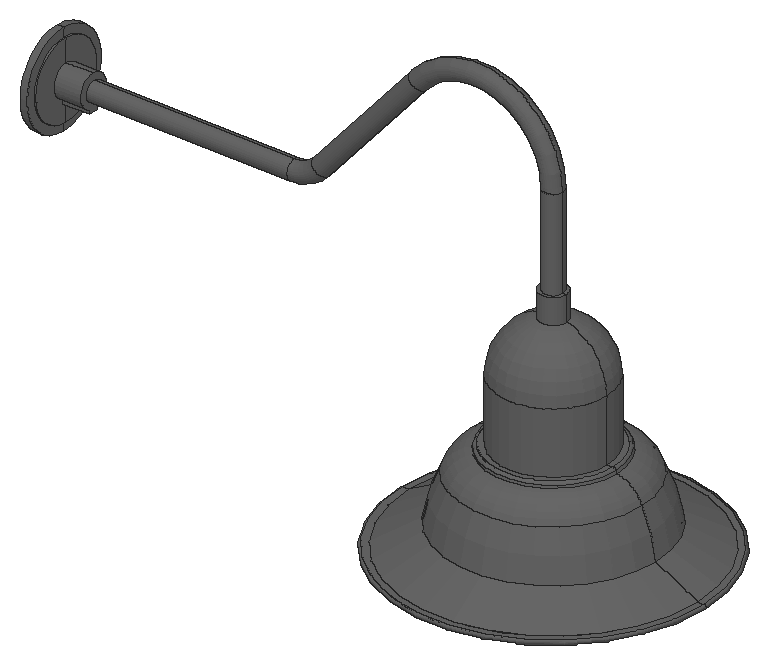
Revit family "Mini Bella Vista_Bell_MB", category Lighting Fixtures, Revit 2020
Family settings
  Round Connector Dimension = Use Diameter
  Part Type = Normal
  OmniClass Number = 23.80.70.00
  OmniClass Title = Lighting
  Work Plane-Based = No
  Always vertical = Yes
  Cut with Voids When Loaded = No
  Light Source = Yes
  Shared = No
  Room Calculation Point = No
Parameters (values of type "MBVB16")
  Weight = "1.25 lb"
  Wattage Comments = "200W"
  Wattage = 2.4 W
  Warranty = "5 year limited warranty"  # constant formula
  built-in parameter 1150110 = 1 (stored number, unit not read)
  Voltage = 277 V
  URL = "https://www.anplighting.com/assets/Uploads/product-attachments/specification-sheets/ANP-Specification-Sheet-RLM-MB-MBVB16.pdf"
  built-in parameter 1114217 = 1 (stored number, unit not read)
  Tilt Angle = 90.00°
  built-in parameter 1150109 = 1 (stored number, unit not read)
  built-in parameter 1150134 = 12
  built-in parameter 1150113 = 1 (stored number, unit not read)
  Mounting Option [instance] = 2
  Power Factor = 1
  Post Mount [instance] = Mounting Option = 5  # no
  Placement X axis side [instance] = if(Post Mount, 2' 2 15/32", if(Cord or Stem Mount, 0' 0", if(E36 20 inch, 1' 8 1/4", if(E 6 26 inch, 2' 2", if(E7 41 inch, 3' 5 1/4", 0' 1")))))  # 2' - 2"
  Photometric Web File = "MBVA16E040LDST540K.ies"
  Model = "MBVB16"
  Manufacturer = "ANP Lighting"  # constant formula
  MBVB16 = yes
  MBVB14 = no
  MBVB12 = no
  built-in parameter 1150105 = 3000 (stored number, unit not read)
  Lumens = 3000 lm
  built-in parameter 1150115 = 1 (stored number, unit not read)
  Load Classification = Lighting
  Light Source Height [instance] = if(MBVB12, 0' 2 1/2", if(MBVB14, 0' 4 1/2", if(MBVB16, 0' 5", 0' 0")))  # 0' - 5"
  built-in parameter 1150137 = (empty or 0)
  built-in parameter 1150139 = (empty or 0)
  Light Elevation_3 [instance] = if(MBVB12, (0' 1 3/4" + 0' 2 55/128"), if(MBVB14, (0' 2 3/8" + 0' 2 55/128"), if(MBVB16, (0' 3 3/8" + 0' 2 55/128"), 0' 0")))  # 0' - 5 103/128"
  Light Elevation _2 [instance] = if(MBVB12, 0' 10 1/8", if(MBVB14, 0' 11 1/4", if(MBVB16, 1' 0 1/8", 0' 0")))  # 1' - 0 1/8"
  Light Elevation _1 [instance] = if(Post Mount, 0' 0", if(E7 41 inch, 0' 0", if(E36 20 inch, 0' 1", if(E 6 26 inch, 0' 0.87402", if(Cord or Stem Mount, (0' 3.66142" + Cord Length), 0' 0")))))  # 0' - 0.87402"
  Light Elevation [instance] = if(Post Mount, 14' 0.5315", if(E7 41 inch, 0' 0", 0' 0"))  # 0' - 0"
  Life = "L70 50,000 hours"  # constant formula
  built-in parameter 1150112 = 1 (stored number, unit not read)
  built-in parameter 1150114 = 1 (stored number, unit not read)
  Lamp = "200W MAX MEDIUM BASE"
  Inside body material = INSIDE BODY MATERIAL
  built-in parameter 1150132 = 2
  built-in parameter 1150102 = (empty or 0)
  built-in parameter 1150107 = 4000 (stored number, unit not read)
  built-in parameter 1150138 = (empty or 0)
  built-in parameter 1150106 = 30 (stored number, unit not read)
  GLASS = Glass
  Fixture Height = 1' - 0 1/4"
  Fixture Diameter = 1' - 4"
  Efficiency = "65-125 lumens per watt"  # constant formula
  built-in parameter 1150104 = 116.13 (stored number, unit not read)
  E7 41 inch [instance] = Mounting Option = 4  # no
  E36 20 inch [instance] = Mounting Option = 3  # no
  E 6 26 inch [instance] = Mounting Option = 2  # yes
  Dimming Lamp Color Temperature Shift = <None>
  Dimming = "1%"  # constant formula
  Description = "120-277 Voltage"  # constant formula
  Default Elevation = 0' - 0"
  Cord or Stem Mount [instance] = Mounting Option = 1  # no
  Cord Length option [instance] = 10
  Cord Length [instance] = if([2' Cord], 2' 0", if([4' Cord], 4' 0", if([8' Cord], 8' 0", if([10' Cord], 10' 0", if([6' Cord], 6' 0", 6' 0")))))  # 10' - 0"
  Construction Material = "Heavy Duty spun aluminum."  # constant formula
  Color Filter = 16777215
  CRI = ">90"
  Bulb = BULB
  Body Material = body
  Body Colour = "Spun aluminium"  # constant formula
  built-in parameter 1114218 = 1 (stored number, unit not read)
  built-in parameter 1150133 = 10 (stored number, unit not read)
  Apparent Load = 200 VA
  8' Cord [instance] = Cord Length option = 8  # no
  6' Cord [instance] = Cord Length option = 6  # no
  4' Cord [instance] = Cord Length option = 4  # no
  2' Cord [instance] = Cord Length option = 2  # no
  10' Cord [instance] = Cord Length option = 10  # yes
Types (4): name | Weight | Wattage Comments | Wattage | URL | Photometric Web File | Model | MBVB16 | MBVB14 | MBVB12 | built-in parameter 1150105 | Lumens | Light Source Height | Light Elevation_3 | Light Elevation _2 | Lamp | built-in parameter 1150106 | Fixture Height | Fixture Diameter | Apparent Load
  (no name) | "1.25 lb" | "200W" | 2.4 W | "https://www.anplighting.com/assets/Uploads/product-attachments/specification-sheets/ANP-Specification-Sheet-RLM-MB-MBVB16.pdf" | "MBVA16E040LDST540K.ies" | "MBVB16" | yes | no | no | 3000 (stored number, unit not read) | 3000 lm | 0' - 5" | 0' - 5 103/128" | 1' - 0 1/8" | "200W MAX MEDIUM BASE" | 30 (stored number, unit not read) | 1' - 0 1/4" | 1' - 4" | 200 VA
  MBVB12 | "0.8 lb" | "100W Max" | 1.6 W | "https://www.anplighting.com/assets/Uploads/product-attachments/specification-sheets/ANP-Specification-Sheet-RLM-MB-MBVB12.pdf" | "MBVB12M016LDDW40K-IES.ies" | "MBVB12" | no | no | yes | 2000 (stored number, unit not read) | 2000 lm | 0' - 2 1/2" | 0' - 4 23/128" | 0' - 10 1/8" | "100W MAX MEDIUM BASE" | 20 (stored number, unit not read) | 0' - 10 5/8" | 1' - 0" | 100 VA
  MBVB14 | "0.95 lb" | "200W Max" | 2.4 W | "https://www.anplighting.com/assets/Uploads/product-attachments/specification-sheets/ANP-Specification-Sheet-RLM-MB-MBVB14.pdf" | "MBVB16E030LDST540K.ies" | "MBVB14" | no | yes | no | 3000 (stored number, unit not read) | 3000 lm | 0' - 4 1/2" | 0' - 4 103/128" | 0' - 11 1/4" | "200W MAX MEDIUM BASE" | 30 (stored number, unit not read) | 0' - 11 1/4" | 1' - 2" | 200 VA
  MBVB16 | "1.25 lb" | "200W" | 2.4 W | "https://www.anplighting.com/assets/Uploads/product-attachments/specification-sheets/ANP-Specification-Sheet-RLM-MB-MBVB16.pdf" | "MBVA16E040LDST540K.ies" | "MBVB16" | yes | no | no | 3000 (stored number, unit not read) | 3000 lm | 0' - 5" | 0' - 5 103/128" | 1' - 0 1/8" | "200W MAX MEDIUM BASE" | 30 (stored number, unit not read) | 1' - 0 1/4" | 1' - 4" | 200 VA
Reference planes (in)
  plane 1 "Light Source Axis (F/B)": y = 0
  plane 2: z = 0
  plane 3 "Light Source Axis (L/R)": x = 0
  plane 4 "Light Source Elevation": z = 0
  plane 5: z = 0
  plane 6: x = 26
  plane 7 "Bulb Position": z = -7.19433
  plane 8 "Canopy Position": z = -0.87402
  plane 9 "IES": z = -12.19433
  plane 10: z = -12.99902
Dimensions and locks (in)
  "Light Elevation": plane 5 to plane 2
  "Placement X axis side": plane 6 to plane 3 "Light Source Axis (L/R)"
  "Light Elevation _1": plane 5 to plane 8 "Canopy Position"
  "Light Source Height": plane 7 "Bulb Position" to plane 9 "IES"
  locked: plane 4 "Light Source Elevation" to plane 2
  "Light Elevation _2": plane 8 "Canopy Position" to plane 10
  "Light Elevation_3": plane 7 "Bulb Position" to plane 10
  aligned and locked: level to plane 2
  aligned and locked: plane 1 "Light Source Axis (F/B)" to nested 5
  aligned and locked: nested 5 to plane 2
  aligned and locked: nested 1 to plane 3 "Light Source Axis (L/R)"
  aligned and locked: plane 3 "Light Source Axis (L/R)" to nested 2
  aligned and locked: plane 3 "Light Source Axis (L/R)" to nested 4
  aligned and locked: nested 3 to plane 5
  aligned and locked: plane 3 "Light Source Axis (L/R)" to nested 3
  aligned and locked: plane 3 "Light Source Axis (L/R)" to nested 5
  aligned and locked: plane 1 "Light Source Axis (F/B)" to nested 2
  aligned and locked: plane 1 "Light Source Axis (F/B)" to nested 1
  aligned and locked: plane 1 "Light Source Axis (F/B)" to nested 4
  aligned and locked: plane 1 "Light Source Axis (F/B)" to nested 3
  aligned and locked: plane 2 to nested 1
  aligned and locked: plane 2 to nested 2
  aligned and locked: nested 4 to plane 2
  aligned and locked: imposter light to plane 9 "IES"
  aligned and locked: plane 6 to imposter light
  aligned and locked: plane 1 "Light Source Axis (F/B)" to nested 6
  aligned and locked: plane 1 "Light Source Axis (F/B)" to nested 7
  aligned and locked: plane 1 "Light Source Axis (F/B)" to nested 8
  aligned and locked: plane 8 "Canopy Position" to nested 6
  aligned and locked: plane 8 "Canopy Position" to nested 7
  aligned and locked: plane 6 to nested 6
  aligned and locked: plane 6 to nested 7
  aligned and locked: plane 6 to nested 8
Nested families (in)
  nested 1: "CORD OR STEM MOUNT" at (0, 0, -123.67), visible <- "Cord or Stem Mount", Cord or Stem Mount <- "Cord or Stem Mount", Body Material <- "Body Material", Light Elevation <- "Light Elevation", Cord Length <- "Cord Length", 10' Cord <- "10' Cord", 2' Cord <- "2' Cord", 4' Cord <- "4' Cord", 6' Cord <- "6' Cord", 8' Cord <- "8' Cord", type "CORD OR STEM MOUNT"
    with Light Elevation 0' - 0", Cord or Stem Mount no, Cord Length 10' - 0", Body Material body, 8' Cord no, 6' Cord no, 4' Cord no, 2' Cord no, 10' Cord yes
  nested 2: "E6 26 INCH" at (26, 0, 0), visible <- "E 6 26 inch", Chain Length <- "Cord Length", E 6 26 inch <- "E 6 26 inch", Placement X axis side <- "Placement X axis side", Body Material <- "Body Material", Light Elevation <- "Light Elevation", type "E6 26 INCH"
    with Placement X axis side 2' - 2", Light Elevation 0' - 0", E 6 26 inch yes, Chain Length 10' - 0", Body Material body
  nested 3: "E7 41 INCH" at (26, 0, 0), Chain Length <- "Cord Length", visible <- "E7 41 inch", E7 41 inch <- "E7 41 inch", Placement X axis side <- "Placement X axis side", Body Material <- "Body Material", Light Elevation <- "Light Elevation", type "E7 41 INCH"
    with Placement X axis side 2' - 2", Light Elevation 0' - 0", E7 41 inch no, Chain Length 10' - 0", Body Material body
  nested 4: "E36 20 INCH" at (26, 0, 0), visible <- "E36 20 inch", E36 20 inch <- "E36 20 inch", Placement X axis side <- "Placement X axis side", Chain Length <- "Cord Length", Body Material <- "Body Material", Light Elevation <- "Light Elevation", type "E36 20 INCH"
    with Placement X axis side 2' - 2", Light Elevation 0' - 0", E36 20 inch no, Chain Length 10' - 0", Body Material body
  nested 5: "POST MOUNT" at (26, 0, 0), visible <- "Post Mount", Post Mount <- "Post Mount", Placement X axis side <- "Placement X axis side", Chain Length <- "Cord Length", Body Material <- "Body Material", Light Elevation <- "Light Elevation", type "POST MOUNT"
    with Post Mount no, Placement X axis side 2' - 2", Light Elevation 0' - 0", Chain Length 10' - 0", Body Material body
  nested 6: "MBVB12 LED" at (26, 0, -0.87402), visible <- "MBVB12", Body <- "Body Material", Light Elevation <- "Light Elevation", MBVB12 <- "MBVB12", type "MBVB12 LED"
    with MBVB12 no, Light Elevation 0' - 0", Body body
  nested 7: "MBVB14 LED" at (26, 0, -0.87402), visible <- "MBVB14", Body <- "Body Material", Light Elevation <- "Light Elevation", MBVB14 <- "MBVB14", type "MBVB14 LED"
    with MBVB14 no, Light Elevation 0' - 0", Body body
  nested 8: "MBVB16 LED" at (26, 0, -0.87402), MBVB16 <- "MBVB16", Light Elevation <- "Light Elevation", Body <- "Body Material", visible <- "MBVB16", type "MBVB16 LED"
    with MBVB16 yes, Light Elevation 0' - 0", Body body
Definition of nested family "E6 26 INCH"
  Parameters (values of type "E6 26 INCH")
    URL = ""
    Placement X axis side [instance] = 2' - 2"
    Model = ""
    Manufacturer = ""
    Light Elevation [instance] = 8' - 4"
    E 6 26 inch [instance] = yes
    Default Elevation = 0' - 0"
    Chain Length [instance] = 0' - 0"
    Body Material [instance] = none
  Reference planes (in)
    plane 1 "Light Source Axis (F/B)": y = 0
    plane 2: z = 0
    plane 3 "Light Source Axis (L/R)": x = 0
    plane 4 "Light Source Elevation": z = 23.125
    plane 5: z = 100
    plane 6: x = -26
    plane 7: z = 99.125
    plane 8: x = -24.12
    plane 9: x = -25.5474
  Forms (in)
    Extrusion 1, void, not visible
      sketch origin (0, 0, 2.38154) x (1, 0, 0) y (0, 0, 1)
        loop
          circle (0, 4.59925) r 0.16583
      from 1.18594 to 1.75
    Extrusion 2, void, not visible
      sketch origin (0, 0, 2.38154) x (0.707107, -0.707107, 0) y (0, 0, 1)
        loop
          circle (0, 4.59925) r 0.16583
      from 1.18594 to 1.75
    Extrusion 3, void, not visible
      sketch origin (0, 0, 2.38154) x (0.707107, 0.707107, 0) y (0, 0, 1)
        loop
          circle (0, 4.59925) r 0.16583
      from 1.18594 to 1.75
    Extrusion 4, void, not visible
      sketch origin (0, 0, 2.38154) x (0, 1, 0) y (0, 0, 1)
        loop
          circle (0, 4.59925) r 0.16583
      from 1.18594 to 1.75
    Extrusion 5, void, not visible
      sketch origin (0, 0, 2.38154) x (-0.707107, 0.707107, 0) y (0, 0, 1)
        loop
          circle (0, 4.59925) r 0.16583
      from 1.18594 to 1.75
    Extrusion 6, void, not visible
      sketch origin (0, 0, 2.38154) x (-1, 0, 0) y (0, 0, 1)
        loop
          circle (0, 4.59925) r 0.20678
      from 1.18594 to 1.75
    Extrusion 7, void, not visible
      sketch origin (0, 0, 2.38154) x (-0.707107, -0.707107, 0) y (0, 0, 1)
        loop
          circle (0, 4.59925) r 0.16583
      from 1.18594 to 1.75
    Extrusion 8, void, not visible
      sketch origin (0, 0, 2.38154) x (0, -1, 0) y (0, 0, 1)
        loop
          circle (0, 4.59925) r 0.16583
      from 1.18594 to 1.75
    Sweep 9, solid, material <- "Body Material", visible <- "E 6 26 inch"
      path origin (-41.25, 0, 168.51693) x (1, 0, 0) y (0, 0, 1)
        loop
          line (17.13, -68.51693) -> (27.68551, -68.51693)
          arc (27.68551, -68.51693) -> (28.47996, -68.34486) -> (29.13202, -67.8595) r 1.92004
          line (29.13202, -67.8595) -> (34.23651, -62.01155)
          arc (34.23651, -62.01155) -> (38.65464, -60.89667) -> (41.25, -64.64193) r 4
          line (41.25, -64.64193) -> (41.25, -69.39193)
      profile origin (-18.84224, 0, 100) x (0, 0, 1) y (0, -1, 0)
        loop
          circle (0, 0) r 0.5
    Revolve 10, solid, material <- "Body Material", visible <- "E 6 26 inch"
      sketch origin (-26, 0, 168.51693) x (1, 0, 0) y (0, 0, 1)
        loop
          line (0, -66.07943) -> (0, -68.51693) -> (1.88, -68.51693) -> (1.88, -67.69272) -> (0.4526, -67.69272) -> (0.4526, -66.54122) -> (0.33125, -66.54122) -> (0.33125, -66.07943) -> (0, -66.07943)
        axis (0, -68.51693) -> (1.88, -68.51693)
      angle from 0 to 360
    Extrusion 11, solid, material <- "Body Material", visible <- "E 6 26 inch"
      sketch origin (-26, 0, 168.51693) x (0, -1, 0) y (0, 0, -1)
        loop
          line (0.25, 68.51693) -> (0.25, 69.51693) -> (-0.25, 69.51693) -> (-0.25, 68.51693) -> (0.25, 68.51693)
      from 0.4526 to 1.88
  Cuts and joins
    joined: Revolve 10, Extrusion 11
  Dimensions and locks (in)
    "Light Elevation": plane 5 to plane 2
    "Placement X axis side": plane 3 "Light Source Axis (L/R)" to plane 6
    locked: plane 5 to plane 7 at 0.875
    Revolve 10 sketch curve to Revolve 10 sketch curve to Revolve 10 sketch curve to plane 6 = 0' - 1.4274" locked, 0' - 0.12135" locked, 0' - 0.33125" locked
    Revolve 10 sketch curve to Revolve 10 sketch curve to Revolve 10 sketch curve to plane 5 = 0' - 0.46179" locked, 0' - 1.1515" locked, 0' - 0 211/256" locked
    locked: Sweep 9 sketch curve to plane 6 at 1.88
    locked: Sweep 9 sketch curve to Sweep 9 sketch curve at 10.55551
    locked: Sweep 9 sketch curve to Sweep 9 sketch curve at 13.56449
    locked: Sweep 9 sketch curve to Sweep 9 sketch curve at 4.75
    locked: plane 9 to plane 6 at 0.4526
    locked: plane 8 to plane 9 at 1.4274
    aligned and locked: level to plane 2
    aligned and locked: Revolve 10 sketch curve to plane 6
    aligned and locked: plane 5 to Revolve 10 sketch curve
    aligned and locked: Revolve 10 sketch curve to plane 5
    aligned and locked: cut or joined group of Revolve 10, Extrusion 11 to plane 9
    aligned and locked: plane 8 to cut or joined group of Revolve 10, Extrusion 11
  Automatic sketch dimensions
    Sweep 9 sketch curve to plane 5 = 0' - 0"
    Sweep 9 sketch curve to Sweep 9 sketch curve = 0' - 4"
    Sweep 9 sketch curve to Sweep 9 sketch curve = 0' - 3.01349"
    plane 5 to Sweep 9 sketch curve = 0' - 0.65743"
    Sweep 9 sketch curve to Sweep 9 sketch curve = 0' - 1.4465"
    Sweep 9 sketch curve to plane 5 = 0' - 0 7/8"
    profile plane to Sweep 9 sketch curve = 0' - 0"
    Sweep 9 sketch curve to profile plane = 0' - 0"
    plane 6 to Revolve 10 sketch curve = 0' - 0.62562"
    Revolve 10 sketch curve to Revolve 10 sketch curve = 0' - 0 1/2"
    Extrusion 11 sketch curve to plane 5 = 0' - 0"
    plane 1 "Light Source Axis (F/B)" to Extrusion 11 sketch curve = 0' - 0 1/4"
    Extrusion 11 sketch curve to plane 1 "Light Source Axis (F/B)" = 0' - 0 1/4"
    plane 5 to Extrusion 11 sketch curve = 0' - 1"
    radius of Sweep 9 sketch curve = 0' - 0 1/2"
Definition of nested family "MBVB16 LED"
  Parameters (values of type "MBVB16 LED")
    MBVB16 [instance] = yes
    Light Elevation [instance] = 0' - 0"
    Default Elevation = 0' - 0"
    Body [instance] = none
  Reference planes (in)
    plane 1 "Center (Front/Back)": y = 0
    plane 2: z = 0
    plane 3 "Center (Left/Right)": x = 0
    plane 4: z = 0
  Dimensions and locks (in)
    "Light Elevation": plane 4 to plane 2
    aligned and locked: plane 2 to level
    aligned and locked: plane 3 "Center (Left/Right)" to nested 1
    aligned and locked: plane 1 "Center (Front/Back)" to nested 1
    aligned and locked: plane 4 to nested 1
  Nested families (in)
    nested 1: "MBVB16" at (0, 0, -12.25), visible <- "MBVB16", Body <- "Body", MBVB16 <- "MBVB16", type "MBVB16"
      with MBVB16 yes, Body none
  Definition of nested family "MBVB16"
    Parameters (values of type "MBVB16")
      REFLECTIVE = none
      MBVB16 [instance] = yes
      Default Elevation = 0' - 0"
      Body [instance] = none
      BELLA = none
    Reference planes (in)
      plane 1 "Center (Front/Back)": y = 0
      plane 2: z = 0
      plane 3 "Center (Left/Right)": x = 0
      plane 4: x = -8
      plane 5: x = 8
      plane 6: z = 12.25
    Forms (in)
      Revolve 1, solid, material <- "Body", visible <- "MBVB16"
        sketch origin (0, 0, 0) x (1, 0, 0) y (0, 0, 1)
          loop
            line (-2.83335, 8.23279) -> (-2.83335, 5.01199) -> (-3.13722, 5.01199)
            arc (-3.13722, 5.01199) -> (-3.23739, 4.97852) -> (-3.29734, 4.89156) r 0.16666
            line (-3.29734, 4.89156) -> (-3.33058, 4.77648)
            arc (-3.33058, 4.77648) -> (-4.1323, 4.41333) -> (-4.64481, 3.69781) r 1.69924
            arc (-4.64481, 3.69781) -> (-5.10175, 2.5566) -> (-5.395, 1.3628) r 8.78983
            line (-5.395, 1.3628) -> (-7.55855, 0.21242) -> (-7.89366, 0.21242)
            arc (-7.89366, 0.21242) -> (-7.99988, 0.10621) -> (-7.89366, 0) r 0.10621
            line (-7.89366, 0) -> (-7.82493, 0) -> (-5.33856, 1.32203)
            arc (-5.33856, 1.32203) -> (-5.04647, 2.52429) -> (-4.5873, 3.67317) r 8.72733
            arc (-4.5873, 3.67317) -> (-4.07852, 4.37649) -> (-3.28162, 4.72073) r 1.63674
            line (-3.28162, 4.72073) -> (-3.23729, 4.87422)
            arc (-3.23729, 4.87422) -> (-3.19983, 4.92857) -> (-3.13722, 4.94949) r 0.10416
            line (-3.13722, 4.94949) -> (-2.77085, 4.94949) -> (-2.77085, 8.23296)
            arc (-2.77085, 8.23296) -> (-2.14247, 9.99625) -> (-0.5298, 10.94669) r 2.74495
            line (-0.5298, 10.94669) -> (-0.43999, 10.94669) -> (-0.43999, 11.00741) -> (-0.54507, 11.00741)
            arc (-0.54507, 11.00741) -> (-2.19183, 10.03462) -> (-2.83335, 8.23279) r 2.80745
          axis (0, 11.00741) -> (0, 0)
        angle from 0 to 360
      Revolve 2, solid, material <- "Body", visible <- "MBVB16"
        sketch origin (0, 0, 0) x (1, 0, 0) y (0, 0, 1)
          loop
            arc (-3.23224, 4.69343) -> (-4.04864, 4.37742) -> (-4.56864, 3.67317) r 1.56897
            arc (-4.56864, 3.67317) -> (-5.021, 2.51634) -> (-5.323, 1.31148) r 9.77401
            line (-5.323, 1.31148) -> (-7.78583, 0) -> (-7.65286, 0) -> (-5.26694, 1.27052)
            arc (-5.26694, 1.27052) -> (-4.96564, 2.48421) -> (-4.51089, 3.64913) r 9.71151
            arc (-4.51089, 3.64913) -> (-4.0128, 4.32615) -> (-3.2295, 4.63093) r 1.50647
            line (-3.2295, 4.63093) -> (-2.98224, 4.63093) -> (-2.98224, 4.69343) -> (-3.23224, 4.69343)
          axis (0, 4.69343) -> (0, 0)
        angle from 0 to 360
      Revolve 3, solid, material <- "Body", visible <- "MBVB16"
        sketch origin (0, 0, 0) x (1, 0, 0) y (0, 0, 1)
          loop
            line (-0.68999, 12.25) -> (-0.68999, 10.94669) -> (-0.43999, 10.94669) -> (-0.43999, 12.25) -> (-0.68999, 12.25)
          axis (0, 12.25) -> (0, 10.94669)
        angle from 0 to 360
    Dimensions and locks (in)
      locked: Revolve 1 sketch curve to Revolve 1 sketch curve at 5.99543
      locked: Revolve 1 sketch curve to Revolve 2 at 5.01199
      locked: plane 6 to level at 12.25
      locked: plane 5 to plane 4 at 16
      aligned and locked: plane 2 to level
      aligned and locked: Revolve 3 to plane 6
      aligned and locked: Revolve 3 to Revolve 1
Definition of nested family "CORD OR STEM MOUNT"
  Parameters (values of type "CORD OR STEM MOUNT")
    URL = ""
    Model = ""
    Manufacturer = ""
    Light Elevation [instance] = 1' - 7.69"
    Default Elevation = 0' - 0"
    Cord or Stem Mount [instance] = yes
    Cord Length [instance] = 6' - 0"
    Body Material [instance] = none
    8' Cord [instance] = no
    6' Cord [instance] = no
    4' Cord [instance] = no
    2' Cord [instance] = no
    10' Cord [instance] = no
  Reference planes (in)
    plane 1 "Light Source Axis (F/B)": y = 0
    plane 2: z = 0
    plane 3 "Light Source Axis (L/R)": x = 0
    plane 4 "Light Source Elevation": z = 23.125
    plane 5: z = 91.69
    plane 6: z = 19.69
  Forms (in)
    Extrusion 1, void, not visible
      sketch origin (0, 0, 2.38154) x (1, 0, 0) y (0, 0, 1)
        loop
          circle (0, 4.59925) r 0.16583
      from 1.18594 to 1.75
    Extrusion 2, void, not visible
      sketch origin (0, 0, 2.38154) x (0.707107, -0.707107, 0) y (0, 0, 1)
        loop
          circle (0, 4.59925) r 0.16583
      from 1.18594 to 1.75
    Extrusion 3, void, not visible
      sketch origin (0, 0, 2.38154) x (0.707107, 0.707107, 0) y (0, 0, 1)
        loop
          circle (0, 4.59925) r 0.16583
      from 1.18594 to 1.75
    Extrusion 4, void, not visible
      sketch origin (0, 0, 2.38154) x (0, 1, 0) y (0, 0, 1)
        loop
          circle (0, 4.59925) r 0.16583
      from 1.18594 to 1.75
    Extrusion 5, void, not visible
      sketch origin (0, 0, 2.38154) x (-0.707107, 0.707107, 0) y (0, 0, 1)
        loop
          circle (0, 4.59925) r 0.16583
      from 1.18594 to 1.75
    Extrusion 6, void, not visible
      sketch origin (0, 0, 2.38154) x (-1, 0, 0) y (0, 0, 1)
        loop
          circle (0, 4.59925) r 0.20678
      from 1.18594 to 1.75
    Extrusion 7, void, not visible
      sketch origin (0, 0, 2.38154) x (-0.707107, -0.707107, 0) y (0, 0, 1)
        loop
          circle (0, 4.59925) r 0.16583
      from 1.18594 to 1.75
    Extrusion 8, void, not visible
      sketch origin (0, 0, 2.38154) x (0, -1, 0) y (0, 0, 1)
        loop
          circle (0, 4.59925) r 0.16583
      from 1.18594 to 1.75
    Revolve 9, solid, material <- "Body Material", visible <- "Cord or Stem Mount"
      sketch origin (0, 0, 174.56698) x (1, 0, 0) y (0, 0, 1)
        loop
          line (2.6875, -79.20698) -> (0, -79.20698) -> (0, -82.87698) -> (0.125, -82.87698) -> (0.125, -82.83698) -> (0.75, -82.83698)
          arc (0.75, -82.83698) -> (0.81694, -82.77004) -> (0.75, -82.7031) r 0.06694
          line (0.75, -82.7031) -> (0.89763, -82.7031) -> (1.00223, -82.5985) -> (1.06587, -82.5985)
          arc (1.06587, -82.5985) -> (1.80099, -82.29401) -> (2.10549, -81.55888) r 1.03962
          line (2.10549, -81.55888) -> (2.10549, -81.03899)
          arc (2.10549, -81.03899) -> (2.12951, -80.981) -> (2.1875, -80.95698) r 0.08201
          line (2.1875, -80.95698) -> (2.1875, -80.70698) -> (2.6875, -80.70698) -> (2.6875, -79.20698)
        axis (0, -79.20698) -> (0, -82.87698)
      angle from 0 to 360
    Revolve 10, solid, material <- "Body Material", visible <- "Cord or Stem Mount"
      sketch origin (0, 0, 0) x (1, 0, 0) y (0, 0, 1)
        loop
          line (0, 91.69) -> (-0.125, 91.69) -> (-0.125, 19.69) -> (0, 19.69) -> (0, 91.69)
        axis (0, 19.69) -> (0, 91.69)
      angle from 0 to 360
  Dimensions and locks (in)
    "Light Elevation": plane 6 to plane 2
    "Cord Length": plane 5 to plane 6
    locked: Revolve 10 sketch curve to Revolve 10 sketch curve at 0.125
    aligned and locked: level to plane 2
    aligned and locked: Revolve 10 sketch curve to plane 3 "Light Source Axis (L/R)"
    aligned and locked: Revolve 10 sketch curve to plane 6
    aligned and locked: Revolve 10 sketch curve to plane 5
    aligned and locked: plane 3 "Light Source Axis (L/R)" to Revolve 10 sketch curve
  Automatic sketch dimensions
    Revolve 9 sketch curve to plane 3 "Light Source Axis (L/R)" = 0' - 0"  (x2)
    Revolve 9 sketch curve to plane 5 = 0' - 0"
    plane 3 "Light Source Axis (L/R)" to Revolve 9 sketch curve = 0' - 0 1/8"
    Revolve 9 sketch curve to plane 5 = 0' - 0.17388"
    Revolve 9 sketch curve to Revolve 9 sketch curve = 0' - 0 5/8"
    Revolve 9 sketch curve to Revolve 9 sketch curve = 0' - 0.14763"
    Revolve 9 sketch curve to plane 5 = 0' - 0.27847"
    Revolve 9 sketch curve to Revolve 9 sketch curve = 0' - 0.1046"
    Revolve 9 sketch curve to Revolve 9 sketch curve = 0' - 0.06364"
    Revolve 9 sketch curve to Revolve 9 sketch curve = 0' - 1.03962"
    Revolve 9 sketch curve to Revolve 9 sketch curve = 0' - 0 21/256"
    Revolve 9 sketch curve to Revolve 9 sketch curve = 0' - 0 1/2"  (x2)
    Revolve 9 sketch curve to Revolve 9 sketch curve = 0' - 0.51989"
    Revolve 9 sketch curve to Revolve 9 sketch curve = 0' - 0 1/4"
    Revolve 9 sketch curve to Revolve 9 sketch curve = 0' - 2.3519"
    Revolve 9 sketch curve to Revolve 9 sketch curve = 0' - 1 1/4"
    Revolve 9 sketch curve to Revolve 9 sketch curve = 0' - 0.04"
    Revolve 10 sketch curve to Revolve 10 sketch curve = 0' - 0 1/2"
    Revolve 10 sketch curve to Revolve 10 sketch curve = 0' - 0.42345"
Definition of nested family "E7 41 INCH"
  Parameters (values of type "E7 41 INCH")
    URL = ""
    Placement X axis side [instance] = 4' - 2"
    Model = ""
    Manufacturer = ""
    Light Elevation [instance] = 8' - 4"
    E7 41 inch [instance] = yes
    Default Elevation = 0' - 0"
    Chain Length [instance] = 0' - 0"
    Body Material [instance] = none
  Reference planes (in)
    plane 1 "Light Source Axis (F/B)": y = 0
    plane 2: z = 0
    plane 3 "Light Source Axis (L/R)": x = 0
    plane 4 "Light Source Elevation": z = 23.125
    plane 5: z = 100
    plane 6: x = -50
  Forms (in)
    Extrusion 1, void, not visible
      sketch origin (0, 0, 2.38154) x (1, 0, 0) y (0, 0, 1)
        loop
          circle (0, 4.59925) r 0.16583
      from 1.18594 to 1.75
    Extrusion 2, void, not visible
      sketch origin (0, 0, 2.38154) x (0.707107, -0.707107, 0) y (0, 0, 1)
        loop
          circle (0, 4.59925) r 0.16583
      from 1.18594 to 1.75
    Extrusion 3, void, not visible
      sketch origin (0, 0, 2.38154) x (0.707107, 0.707107, 0) y (0, 0, 1)
        loop
          circle (0, 4.59925) r 0.16583
      from 1.18594 to 1.75
    Extrusion 4, void, not visible
      sketch origin (0, 0, 2.38154) x (0, 1, 0) y (0, 0, 1)
        loop
          circle (0, 4.59925) r 0.16583
      from 1.18594 to 1.75
    Extrusion 5, void, not visible
      sketch origin (0, 0, 2.38154) x (-0.707107, 0.707107, 0) y (0, 0, 1)
        loop
          circle (0, 4.59925) r 0.16583
      from 1.18594 to 1.75
    Extrusion 6, void, not visible
      sketch origin (0, 0, 2.38154) x (-1, 0, 0) y (0, 0, 1)
        loop
          circle (0, 4.59925) r 0.20678
      from 1.18594 to 1.75
    Extrusion 7, void, not visible
      sketch origin (0, 0, 2.38154) x (-0.707107, -0.707107, 0) y (0, 0, 1)
        loop
          circle (0, 4.59925) r 0.16583
      from 1.18594 to 1.75
    Extrusion 8, void, not visible
      sketch origin (0, 0, 2.38154) x (0, -1, 0) y (0, 0, 1)
        loop
          circle (0, 4.59925) r 0.16583
      from 1.18594 to 1.75
    Revolve 9, solid, material <- "Body Material", visible <- "E7 41 inch"
      sketch origin (-41.25, 0, 168.39193) x (1, 0, 0) y (0, 0, 1)
        loop
          line (-8.75, -66.20443) -> (-8.75, -68.51693) -> (-6.87, -68.51693) -> (-6.87, -67.69272) -> (-8.2974, -67.69272) -> (-8.2974, -66.54122) -> (-8.41875, -66.54122) -> (-8.41875, -66.20443) -> (-8.75, -66.20443)
        axis (-8.75, -68.51693) -> (-6.87, -68.51693)
      angle from 0 to 360
    Extrusion 10, solid, material <- "Body Material", visible <- "E7 41 inch"
      sketch origin (-41.25, 0, 168.39193) x (0, -1, 0) y (0, 0, -1)
        loop
          line (0.25, 68.51693) -> (0.25, 69.51693) -> (-0.25, 69.51693) -> (-0.25, 68.51693) -> (0.25, 68.51693)
      from -8.2974 to -6.87
    Sweep 11, solid, material <- "Body Material", visible <- "E7 41 inch"
      path origin (-41.25, 0, 168.39193) x (1, 0, 0) y (0, 0, 1)
        loop
          line (-6.87, -68.51693) -> (16.04011, -68.51693)
          arc (16.04011, -68.51693) -> (17.864, -68.13651) -> (19.38375, -67.0587) r 4.5625
          line (19.38375, -67.0587) -> (24.70217, -61.33018)
          arc (24.70217, -61.33018) -> (29.64465, -60.20324) -> (32.5, -64.39193) r 4.5
          line (32.5, -64.39193) -> (32.5, -68.39193)
      profile origin (-36.66494, 0, 99.875) x (0, 0, 1) y (0, -1, 0)
        loop
          circle (0, 0) r 0.5
  Dimensions and locks (in)
    "Placement X axis side": plane 3 "Light Source Axis (L/R)" to plane 6
    "Light Elevation": plane 5 to plane 2
    locked: Revolve 9 sketch curve to Revolve 9 sketch curve at 0.33125
    locked: Revolve 9 sketch curve to Revolve 9 sketch curve at 0.4526
    locked: Revolve 9 sketch curve to Revolve 9 sketch curve at 1.88
    locked: Revolve 9 sketch curve to Revolve 9 sketch curve at 0.82421
    locked: Revolve 9 sketch curve to Revolve 9 sketch curve at 1.1515
    locked: Revolve 9 sketch curve to Revolve 9 sketch curve at 0.33679
    locked: plane 5 to Revolve 9 sketch curve at 0.125
    locked: Extrusion 10 sketch curve to Extrusion 10 sketch curve at 0.5
    locked: Extrusion 10 sketch curve to Extrusion 10 sketch curve at 1
    locked: plane 5 to Extrusion 10 sketch curve at 0.125
    locked: plane 5 to Sweep 11 sketch curve at 0.125
    locked: Sweep 11 sketch curve to Sweep 11 sketch curve at 39.37
    locked: Sweep 11 sketch curve to Sweep 11 sketch curve at 4
    locked: plane 6 to Extrusion 10 at 0.4526
    locked: Sweep 11 sketch curve to plane 6 at 1.88
    locked: Extrusion 10 to Extrusion 10 at 1.4274
    aligned and locked: plane 2 to level
    aligned and locked: Revolve 9 sketch curve to plane 6
  Automatic sketch dimensions
    Revolve 9 sketch curve to plane 5 = 0' - 0 1/8"
    plane 6 to Revolve 9 sketch curve = 0' - 0.62562"
    Revolve 9 sketch curve to Revolve 9 sketch curve = 0' - 0 1/2"
    plane 1 "Light Source Axis (F/B)" to Extrusion 10 sketch curve = 0' - 0 1/4"
    Sweep 11 sketch curve to plane 5 = 0' - 0"
    Sweep 11 sketch curve to Sweep 11 sketch curve = 0' - 4 1/2"
    Sweep 11 sketch curve to Sweep 11 sketch curve = 0' - 3.29783"
    plane 5 to Sweep 11 sketch curve = 0' - 1.33323"
    Sweep 11 sketch curve to Sweep 11 sketch curve = 0' - 5.31842"
    Sweep 11 sketch curve to Sweep 11 sketch curve = 0' - 3.34364"
    profile plane to Sweep 11 sketch curve = 0' - 0"
    Sweep 11 sketch curve to profile plane = 0' - 0"
    radius of Sweep 11 sketch curve = 0' - 0 1/2"
Definition of nested family "E36 20 INCH"
  Parameters (values of type "E36 20 INCH")
    URL = ""
    Placement X axis side [instance] = 1' - 8 1/4"
    Model = ""
    Manufacturer = ""
    Light Elevation [instance] = 8' - 4"
    E36 20 inch [instance] = yes
    Default Elevation = 0' - 0"
    Chain Length [instance] = 0' - 0"
    Body Material [instance] = none
  Reference planes (in)
    plane 1 "Light Source Axis (F/B)": y = 0
    plane 2: z = 0
    plane 3 "Light Source Axis (L/R)": x = 0
    plane 4 "Light Source Elevation": z = 23.125
    plane 5: z = 99
    plane 6: x = -20.25
    plane 7: z = 100
    plane 8: x = -18.37008
    plane 9: x = -19.79724
  Forms (in)
    Extrusion 1, void, not visible
      sketch origin (0, 0, 2.38154) x (1, 0, 0) y (0, 0, 1)
        loop
          circle (0, 4.59925) r 0.16583
      from 1.18594 to 1.75
    Extrusion 2, void, not visible
      sketch origin (0, 0, 2.38154) x (0.707107, -0.707107, 0) y (0, 0, 1)
        loop
          circle (0, 4.59925) r 0.16583
      from 1.18594 to 1.75
    Extrusion 3, void, not visible
      sketch origin (0, 0, 2.38154) x (0.707107, 0.707107, 0) y (0, 0, 1)
        loop
          circle (0, 4.59925) r 0.16583
      from 1.18594 to 1.75
    Extrusion 4, void, not visible
      sketch origin (0, 0, 2.38154) x (0, 1, 0) y (0, 0, 1)
        loop
          circle (0, 4.59925) r 0.16583
      from 1.18594 to 1.75
    Extrusion 5, void, not visible
      sketch origin (0, 0, 2.38154) x (-0.707107, 0.707107, 0) y (0, 0, 1)
        loop
          circle (0, 4.59925) r 0.16583
      from 1.18594 to 1.75
    Extrusion 6, void, not visible
      sketch origin (0, 0, 2.38154) x (-1, 0, 0) y (0, 0, 1)
        loop
          circle (0, 4.59925) r 0.20678
      from 1.18594 to 1.75
    Extrusion 7, void, not visible
      sketch origin (0, 0, 2.38154) x (-0.707107, -0.707107, 0) y (0, 0, 1)
        loop
          circle (0, 4.59925) r 0.16583
      from 1.18594 to 1.75
    Extrusion 8, void, not visible
      sketch origin (0, 0, 2.38154) x (0, -1, 0) y (0, 0, 1)
        loop
          circle (0, 4.59925) r 0.16583
      from 1.18594 to 1.75
    Sweep 9, solid, material <- "Body Material", visible <- "E36 20 inch"
      path origin (-41.25, 0, 169.51693) x (1, 0, 0) y (0, 0, 1)
        loop
          line (22.88, -69.51693) -> (28.93827, -69.51693)
          arc (28.93827, -69.51693) -> (29.97705, -69.28152) -> (30.81284, -68.62128) r 2.40953
          line (30.81284, -68.62128) -> (34.13807, -64.50378)
          arc (34.13807, -64.50378) -> (38.58272, -63.24548) -> (41.25, -67.01693) r 4
          line (41.25, -67.01693) -> (41.25, -70.51693)
      profile origin (-15.34086, 0, 100) x (0, 0, 1) y (0, -1, 0)
        loop
          circle (0, 0) r 0.5
    Revolve 10, solid, material <- "Body Material", visible <- "E36 20 inch"
      sketch origin (-20.25, 0, 169.51693) x (1, 0, 0) y (0, 0, 1)
        loop
          line (0, -67.20443) -> (0, -69.51693) -> (1.88, -69.51693) -> (1.88, -68.69272) -> (0.4526, -68.69272) -> (0.4526, -67.54122) -> (0.33125, -67.54122) -> (0.33125, -67.20443) -> (0, -67.20443)
        axis (0, -69.51693) -> (1.88, -69.51693)
      angle from 0 to 360
    Extrusion 11, solid, material <- "Body Material", visible <- "E36 20 inch"
      sketch origin (-20.25, 0, 169.51693) x (0, -1, 0) y (0, 0, -1)
        loop
          line (0.25, 69.51693) -> (0.25, 70.51693) -> (-0.25, 70.51693) -> (-0.25, 69.51693) -> (0.25, 69.51693)
      from 1.87992 to 0.45276
  Cuts and joins
    joined: Revolve 10, Extrusion 11
  Dimensions and locks (in)
    "Light Elevation": plane 7 to plane 2
    "Placement X axis side": plane 3 "Light Source Axis (L/R)" to plane 6
    locked: plane 7 to plane 5 at 1
    Revolve 10 sketch curve to Revolve 10 sketch curve to Revolve 10 sketch curve to plane 7 = 0' - 0.33679" locked, 0' - 1.1515" locked, 0' - 0 211/256" locked
    locked: Sweep 9 sketch curve to plane 6 at 1.88
    locked: Sweep 9 sketch curve to Sweep 9 sketch curve at 6.05827
    locked: Sweep 9 sketch curve to Sweep 9 sketch curve at 12.31173
    locked: Sweep 9 sketch curve to Sweep 9 sketch curve at 3.5
    Revolve 10 sketch curve to Revolve 10 sketch curve to Revolve 10 sketch curve to plane 6 = 0' - 1.4274" locked, 0' - 0.12135" locked, 0' - 0.33125" locked
    locked: plane 9 to plane 6 at 0.45276
    locked: plane 8 to plane 9 at 1.42717
    aligned and locked: level to plane 2
    aligned and locked: plane 7 to Revolve 10 sketch curve
    aligned and locked: Revolve 10 sketch curve to plane 7
    aligned and locked: Revolve 10 sketch curve to plane 6
    aligned and locked: cut or joined group of Revolve 10, Extrusion 11 to plane 9
    aligned and locked: plane 8 to cut or joined group of Revolve 10, Extrusion 11
  Automatic sketch dimensions
    Sweep 9 sketch curve to plane 7 = 0' - 0"
    Sweep 9 sketch curve to plane 5 = 0' - 0"
    Sweep 9 sketch curve to Sweep 9 sketch curve = 0' - 4"
    Sweep 9 sketch curve to plane 7 = 0' - 0.89565"
    Sweep 9 sketch curve to Sweep 9 sketch curve = 0' - 3.32523"
    Sweep 9 sketch curve to Sweep 9 sketch curve = 0' - 1.87457"
    profile plane to Sweep 9 sketch curve = 0' - 0"
    Sweep 9 sketch curve to profile plane = 0' - 0"
    plane 6 to Revolve 10 sketch curve = 0' - 0.62562"
    Revolve 10 sketch curve to Revolve 10 sketch curve = 0' - 0 1/2"
    plane 7 to Extrusion 11 sketch curve = 0' - 0"
    Extrusion 11 sketch curve to plane 5 = 0' - 0"
    plane 1 "Light Source Axis (F/B)" to Extrusion 11 sketch curve = 0' - 0 1/4"
    Extrusion 11 sketch curve to plane 1 "Light Source Axis (F/B)" = 0' - 0 1/4"
    radius of Sweep 9 sketch curve = 0' - 0 1/2"
Definition of nested family "POST MOUNT"
  Parameters (values of type "POST MOUNT")
    URL = ""
    Post Mount [instance] = yes
    Placement X axis side [instance] = 2' - 2 1/2"
    Model = ""
    Manufacturer = ""
    Light Elevation [instance] = 14' - 0.5168"
    Default Elevation = 0' - 0"
    Chain Length [instance] = 0' - 0"
    Body Material [instance] = none
  Reference planes (in)
    plane 1 "Light Source Axis (F/B)": y = 0
    plane 2: z = 0
    plane 3 "Light Source Axis (L/R)": x = 0
    plane 4 "Light Source Elevation": z = 23.125
    plane 5: x = -26.5
    plane 6: z = 168.5168
  Forms (in)
    Extrusion 1, void, not visible
      sketch origin (0, 0, 2.38154) x (1, 0, 0) y (0, 0, 1)
        loop
          circle (0, 4.59925) r 0.16583
      from 1.18594 to 1.75
    Extrusion 2, void, not visible
      sketch origin (0, 0, 2.38154) x (0.707107, -0.707107, 0) y (0, 0, 1)
        loop
          circle (0, 4.59925) r 0.16583
      from 1.18594 to 1.75
    Extrusion 3, void, not visible
      sketch origin (0, 0, 2.38154) x (0.707107, 0.707107, 0) y (0, 0, 1)
        loop
          circle (0, 4.59925) r 0.16583
      from 1.18594 to 1.75
    Extrusion 4, void, not visible
      sketch origin (0, 0, 2.38154) x (0, 1, 0) y (0, 0, 1)
        loop
          circle (0, 4.59925) r 0.16583
      from 1.18594 to 1.75
    Extrusion 5, void, not visible
      sketch origin (0, 0, 2.38154) x (-0.707107, 0.707107, 0) y (0, 0, 1)
        loop
          circle (0, 4.59925) r 0.16583
      from 1.18594 to 1.75
    Extrusion 6, void, not visible
      sketch origin (0, 0, 2.38154) x (-1, 0, 0) y (0, 0, 1)
        loop
          circle (0, 4.59925) r 0.20678
      from 1.18594 to 1.75
    Extrusion 7, void, not visible
      sketch origin (0, 0, 2.38154) x (-0.707107, -0.707107, 0) y (0, 0, 1)
        loop
          circle (0, 4.59925) r 0.16583
      from 1.18594 to 1.75
    Extrusion 8, void, not visible
      sketch origin (0, 0, 2.38154) x (0, -1, 0) y (0, 0, 1)
        loop
          circle (0, 4.59925) r 0.16583
      from 1.18594 to 1.75
    Revolve 9, solid, material <- "Body Material", visible <- "Post Mount"
      sketch origin (-7.90508, 0, 0) x (1, 0, 0) y (0, 0, 1)
        loop
          line (-18.59492, 3.92912) -> (-16.29831, 3.92912) -> (-16.29831, 4.2668) -> (-16.91413, 4.2668) -> (-16.91413, 134.5168) -> (-17.16413, 134.5168) -> (-17.16413, 137.3918) -> (-17.05979, 137.3918)
          arc (-17.05979, 137.3918) -> (-16.93479, 137.5168) -> (-17.05979, 137.6418) r 0.125
          line (-17.05979, 137.6418) -> (-17.48032, 137.6418) -> (-17.48032, 139.0793) -> (-17.73032, 139.0793) -> (-17.73032, 139.5793) -> (-18.59492, 139.5793) -> (-18.59492, 3.92912)
        axis (-18.59492, 139.5793) -> (-18.59492, 3.92912)
      angle from 0 to 360
    Extrusion 10, solid, material <- "Body Material", visible <- "Post Mount"
      sketch origin (0, 0, 0) x (1, 0, 0) y (0, 1, 0)
        loop
          line (-20.5, 5.93079) -> (-32.5, 5.93079) -> (-32.5, -6.06921) -> (-20.5, -6.06921) -> (-20.5, 5.93079)
      from 0 to 3.92912
    Sweep 11, solid, material <- "Body Material", visible <- "Post Mount"
      path origin (0, 0, 48.5) x (1, 0, 0) y (0, 0, 1)
        loop
          line (0, 120.0168) -> (0, 128.0168)
          arc (0, 128.0168) -> (-13.25, 141.2668) -> (-26.5, 128.0168) r 13.25
          line (-26.5, 128.0168) -> (-26.5, 91.0793)
      profile origin (0, 0, 172.5168) x (-1, 0, 0) y (0, -1, 0)
        loop
          circle (0, 0) r 0.5
    Revolve 12, solid, material <- "Body Material", visible <- "Post Mount"
      sketch origin (0, 0, 0) x (1, 0, 0) y (0, 0, 1)
        loop
          line (0, 168.5168) -> (0.75, 168.5168) -> (0.75, 170.7668) -> (0, 170.7668) -> (0, 168.5168)
        axis (0, 170.7668) -> (0, 168.5168)
      angle from 0 to 360
  Cuts and joins
    joined: Revolve 9, Extrusion 10, Sweep 11, Revolve 12
  Dimensions and locks (in)
    "Placement X axis side": plane 3 "Light Source Axis (L/R)" to plane 5
    "Light Elevation": plane 6 to plane 2
    locked: Revolve 12 sketch curve to plane 5 at 26.5  (x2)
    locked: Revolve 9 sketch curve to plane 2 at 3.92912
    locked: Revolve 9 sketch curve to plane 5 at 2.29661
    locked: Revolve 9 sketch curve to plane 5 at 1.68079
    locked: Revolve 9 sketch curve to plane 5 at 1.43079
    locked: Revolve 9 sketch curve to plane 5 at 1.11461
    locked: Revolve 9 sketch curve to plane 5 at 0.86461
    locked: Revolve 9 sketch curve to Revolve 9 sketch curve at 130.58768
    locked: Revolve 9 sketch curve to Revolve 9 sketch curve at 2.875
    locked: Revolve 9 sketch curve to Revolve 9 sketch curve at 0.25
    locked: Revolve 9 sketch curve to Revolve 9 sketch curve at 1.4375
    locked: Revolve 9 sketch curve to Revolve 9 sketch curve at 0.5
    locked: Sweep 11 sketch curve to Sweep 11 sketch curve at 26.5
    locked: Revolve 12 sketch curve to Revolve 12 sketch curve at 0.75
    locked: cut or joined group of Revolve 9, Extrusion 10, Sweep 11, Revolve 12 to plane 2 at 139.5793
    aligned and locked: level to plane 2
    aligned and locked: plane 5 to Sweep 11 sketch curve
    aligned and locked: Revolve 9 sketch curve to plane 5
  Automatic sketch dimensions
    Revolve 9 sketch curve to plane 5 = 0' - 0"
    Revolve 9 sketch curve to Revolve 9 sketch curve = 0' - 0.10434"
    Revolve 9 sketch curve to Revolve 9 sketch curve = 0' - 0.33768"
    Revolve 9 sketch curve to Revolve 9 sketch curve = 0' - 0 1/4"
    Revolve 9 sketch curve to Revolve 9 sketch curve = 0' - 0 7/16"
    Extrusion 10 sketch curve to plane 5 = 0' - 6"
    plane 5 to Extrusion 10 sketch curve = 0' - 6"
    plane 1 "Light Source Axis (F/B)" to Extrusion 10 sketch curve = 0' - 6.06921"
    Extrusion 10 sketch curve to plane 1 "Light Source Axis (F/B)" = 0' - 5.93079"
    Sweep 11 sketch curve to profile plane = 0' - 0"
    profile plane to Sweep 11 sketch curve = 0' - 0"
    Sweep 11 sketch curve to plane 6 = 0' - 0"
    Sweep 11 sketch curve to plane 6 = 0' - 8"
    plane 6 to Sweep 11 sketch curve = 2' - 4 15/16"
    Revolve 12 sketch curve to plane 6 = 0' - 0"
    Revolve 12 sketch curve to plane 6 = 0' - 2 1/4"
    Revolve 12 sketch curve to Revolve 12 sketch curve = 0' - 0 1/2"
    Revolve 12 sketch curve to Revolve 12 sketch curve = 0' - 0"
    radius of Sweep 11 sketch curve = 0' - 0 1/2"
Definition of nested family "MBVB12 LED"
  Parameters (values of type "MBVB12 LED")
    MBVB12 [instance] = yes
    Light Elevation [instance] = 0' - 0"
    Default Elevation = 0' - 0"
    Body [instance] = none
  Reference planes (in)
    plane 1 "Center (Front/Back)": y = 0
    plane 2: z = 0
    plane 3 "Center (Left/Right)": x = 0
    plane 4: z = 0
  Dimensions and locks (in)
    "Light Elevation": plane 4 to plane 2
    aligned and locked: plane 2 to level
    aligned and locked: plane 3 "Center (Left/Right)" to nested 1
    aligned and locked: plane 1 "Center (Front/Back)" to nested 1
    aligned and locked: plane 4 to nested 1
  Nested families (in)
    nested 1: "MBVB12" at (0, 0, -10.625), visible <- "MBVB12", Body <- "Body", MBVB12 <- "MBVB12", type "MBVB12"
      with MBVB12 yes, Body none
  Definition of nested family "MBVB12"
    Parameters (values of type "MBVB12")
      REFLECTIVE = none
      MBVB12 [instance] = yes
      Default Elevation = 0' - 0"
      Body [instance] = none
      BELLA = none
    Reference planes (in)
      plane 1 "Center (Front/Back)": y = 0
      plane 2: z = 0
      plane 3 "Center (Left/Right)": x = 0
      plane 4: x = -6
      plane 5: x = 6
      plane 6: z = 10.625
    Forms (in)
      Revolve 1, solid, material <- "Body", visible <- "MBVB12"
        sketch origin (0, 0, 0) x (1, 0, 0) y (0, 0, 1)
          loop
            arc (-0.53125, 9.68565) -> (-1.67996, 8.92942) -> (-2.125, 7.62812) r 2.125
            line (-2.125, 7.62812) -> (-2.125, 3.6875) -> (-2.36975, 3.6875)
            arc (-2.36975, 3.6875) -> (-2.4447, 3.66254) -> (-2.48972, 3.59762) r 0.125
            line (-2.48972, 3.59762) -> (-2.49909, 3.56264)
            arc (-2.49909, 3.56264) -> (-3.10997, 3.29233) -> (-3.5, 2.75) r 1.2736
            arc (-3.5, 2.75) -> (-3.84253, 1.8947) -> (-4.0625, 1) r 6.5938
            line (-4.0625, 1) -> (-5.7369, 0.125) -> (-5.9375, 0.125)
            arc (-5.9375, 0.125) -> (-6, 0.0625) -> (-5.9375, 0) r 0.0625
            line (-5.9375, 0) -> (-5.80152, 0) -> (-3.99046, 0.94642)
            arc (-3.99046, 0.94642) -> (-3.77141, 1.85445) -> (-3.42508, 2.72196) r 6.53145
            arc (-3.42508, 2.72196) -> (-3.03825, 3.24722) -> (-2.43462, 3.49455) r 1.20723
            line (-2.43462, 3.49455) -> (-2.41368, 3.57272)
            arc (-2.41368, 3.57272) -> (-2.39772, 3.59769) -> (-2.36975, 3.6075) r 0.04543
            line (-2.36975, 3.6075) -> (-2.045, 3.6075) -> (-2.045, 7.62812)
            arc (-2.045, 7.62812) -> (-1.61671, 8.88043) -> (-0.51125, 9.60819) r 2.045
            line (-0.51125, 9.60819) -> (-0.26125, 9.60819) -> (-0.26125, 9.68565) -> (-0.53125, 9.68565)
          axis (0, 9.68565) -> (0, 0)
        angle from 0 to 360
      Revolve 2, solid, material <- "Body", visible <- "MBVB12"
        sketch origin (0, 0, 0) x (1, 0, 0) y (0, 0, 1)
          loop
            line (-0.51125, 10.625) -> (-0.51125, 9.69284) -> (-0.26125, 9.69284) -> (-0.26125, 10.625) -> (-0.51125, 10.625)
          axis (0, 10.625) -> (0, 9.69284)
        angle from 0 to 360
      Revolve 3, solid, material <- "Body", visible <- "MBVB12"
        sketch origin (0, 0, 0) x (1, 0, 0) y (0, 0, 1)
          loop
            arc (-2.43462, 3.49455) -> (-3.0378, 3.24665) -> (-3.42508, 2.72196) r 1.21151
            arc (-3.42508, 2.72196) -> (-3.77112, 1.85436) -> (-3.99046, 0.94642) r 6.56148
            line (-3.99046, 0.94642) -> (-5.80152, 0) -> (-5.66658, 0) -> (-3.93386, 0.90547)
            arc (-3.93386, 0.90547) -> (-3.71584, 1.82192) -> (-3.36761, 2.69722) r 6.49898
            arc (-3.36761, 2.69722) -> (-3.00185, 3.19542) -> (-2.4309, 3.43205) r 1.14901
            line (-2.4309, 3.43205) -> (-2.18462, 3.43205) -> (-2.18462, 3.49455) -> (-2.43462, 3.49455)
          axis (0, 3.49455) -> (0, 0)
        angle from 0 to 360
    Dimensions and locks (in)
      locked: plane 6 to level at 10.625
      locked: plane 5 to plane 4 at 12
      locked: Revolve 1 to Revolve 1 at 5.99815
      Revolve 1 sketch curve to Revolve 1 sketch curve = 0' - 5.99815"
      aligned and locked: plane 2 to level
      aligned and locked: Revolve 2 to plane 6
Definition of nested family "MBVB14 LED"
  Parameters
    MBVB14 [instance] = yes
    Light Elevation [instance] = 0' - 0"
    Default Elevation = 0' - 0"
    Body [instance] = none
  Reference planes (in)
    plane 1 "Center (Front/Back)": y = 0
    plane 2: z = 0
    plane 3 "Center (Left/Right)": x = 0
    plane 4: z = 0
  Dimensions and locks (in)
    "Light Elevation": plane 4 to plane 2
    aligned and locked: plane 2 to level
    aligned and locked: plane 3 "Center (Left/Right)" to nested 1
    aligned and locked: plane 1 "Center (Front/Back)" to nested 1
    aligned and locked: plane 4 to nested 1
  Nested families (in)
    nested 1: "MBVB14" at (0, 0, -11.25), visible <- "MBVB14", Body <- "Body", MBVB14 <- "MBVB14", type "MBVB14"
      with MBVB14 yes, Body none
  Definition of nested family "MBVB14"
    Parameters (values of type "MBVB14")
      REFLECTIVE = none
      MBVB14 [instance] = yes
      Default Elevation = 0' - 0"
      Body [instance] = none
      BELLA = none
    Reference planes (in)
      plane 1 "Center (Front/Back)": y = 0
      plane 2: z = 0
      plane 3 "Center (Left/Right)": x = 0
      plane 4: x = 7
      plane 5: x = -7
      plane 6: z = 11.25
    Forms (in)
      Revolve 1, solid, material <- "Body", visible <- "MBVB14"
        sketch origin (0, 0, 0) x (1, 0, 0) y (0, 0, 1)
          loop
            line (-2.4968, 7.93544) -> (-2.4968, 4.33055) -> (-2.76689, 4.33055)
            arc (-2.76689, 4.33055) -> (-2.85458, 4.30135) -> (-2.90725, 4.2254) r 0.14625
            line (-2.90725, 4.2254) -> (-2.91928, 4.1843)
            arc (-2.91928, 4.1843) -> (-3.63336, 3.86786) -> (-4.08928, 3.23368) r 1.49011
            arc (-4.08928, 3.23368) -> (-4.49095, 2.23014) -> (-4.74842, 1.18031) r 7.71475
            line (-4.74842, 1.18031) -> (-6.72376, 0.13) -> (-6.93111, 0.13)
            arc (-6.93111, 0.13) -> (-6.99611, 0.065) -> (-6.93111, 0) r 0.065
            line (-6.93111, 0) -> (-6.83513, 0) -> (-4.69195, 1.13955)
            arc (-4.69195, 1.13955) -> (-4.43566, 2.19786) -> (-4.03175, 3.20908) r 7.65225
            arc (-4.03175, 3.20908) -> (-3.57965, 3.83083) -> (-2.87065, 4.12797) r 1.42761
            line (-2.87065, 4.12797) -> (-2.84727, 4.20784)
            arc (-2.84727, 4.20784) -> (-2.81711, 4.25133) -> (-2.76689, 4.26805) r 0.08375
            line (-2.76689, 4.26805) -> (-2.4343, 4.26805) -> (-2.4343, 7.93544)
            arc (-2.4343, 7.93544) -> (-1.94187, 9.40177) -> (-0.66421, 10.27367) r 2.4294
            line (-0.66421, 10.27367) -> (-0.43856, 10.27367) -> (-0.43856, 10.33172) -> (-0.68856, 10.33172)
            arc (-0.68856, 10.33172) -> (-1.99402, 9.43643) -> (-2.4968, 7.93544) r 2.4919
          axis (0, 10.33172) -> (0, 0)
        angle from 0 to 360
      Revolve 2, solid, material <- "Body", visible <- "MBVB14"
        sketch origin (0, 0, 0) x (1, 0, 0) y (0, 0, 1)
          loop
            line (-0.68721, 11.25) -> (-0.68721, 10.27367) -> (-0.43856, 10.27367) -> (-0.43856, 11.25) -> (-0.68721, 11.25)
          axis (0, 11.25) -> (0, 10.27367)
        angle from 0 to 360
      Revolve 3, solid, material <- "Body", visible <- "MBVB14"
        sketch origin (0, 0, 0) x (1, 0, 0) y (0, 0, 1)
          loop
            arc (-2.87065, 4.12797) -> (-3.57857, 3.82947) -> (-4.03175, 3.20908) r 1.43793
            arc (-4.03175, 3.20908) -> (-4.43614, 2.19801) -> (-4.69195, 1.13955) r 7.60367
            line (-4.69195, 1.13955) -> (-6.83513, 0) -> (-6.702, 0) -> (-4.63531, 1.09888)
            arc (-4.63531, 1.09888) -> (-4.38082, 2.16572) -> (-3.97427, 3.18438) r 7.54117
            arc (-3.97427, 3.18438) -> (-3.54246, 3.77834) -> (-2.86658, 4.06547) r 1.37543
            line (-2.86658, 4.06547) -> (-2.62065, 4.06547) -> (-2.62065, 4.12797) -> (-2.87065, 4.12797)
          axis (0, 4.12797) -> (0, 0)
        angle from 0 to 360
    Dimensions and locks (in)
      plane 6 to level = 0' - 11 1/4"
      plane 4 to plane 5 = 1' - 2"
      Revolve 1 to Revolve 1 = 0' - 6.00117"
      locked: Revolve 1 sketch curve to Revolve 1 sketch curve at 6.00117
      aligned and locked: plane 2 to level
      aligned and locked: Revolve 2 to Revolve 1
      aligned and locked: Revolve 2 to plane 6
